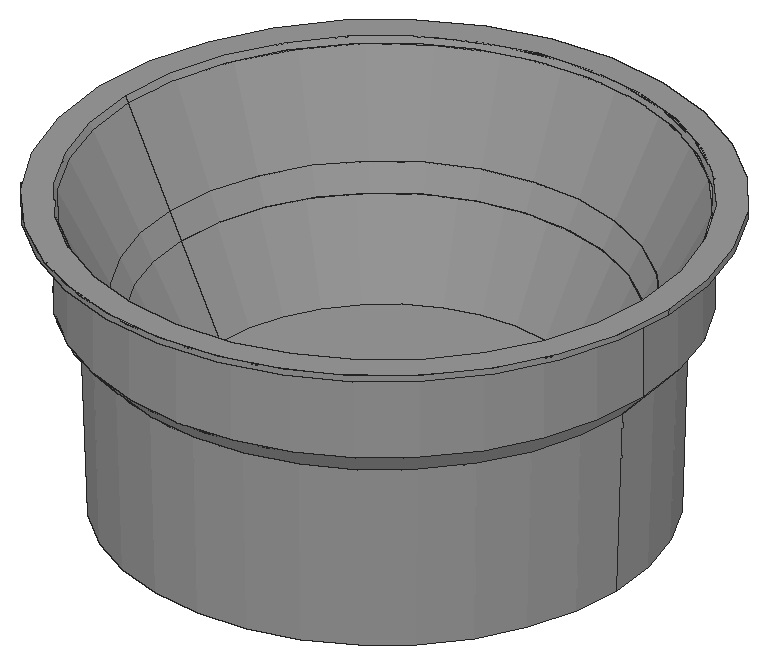
Revit family "2070151", category Lighting Fixtures, host Face, Revit 2018
Family settings
  Host = Face
  Round Connector Dimension = Use Diameter
  Part Type = Normal
  OmniClass Number = 23.80.70.00
  OmniClass Title = Lighting
  Cut with Voids When Loaded = No
  Light Source = Yes
  Shared = No
  Room Calculation Point = No
Parameters (values of type "2070151 SOLST 200 4300LM 940  DALI ")
  Weight = "n/a"
  Wattage Comments = ""
  Wattage = 9.2903 W
  WarrantyStartDate [instance] = "n/a"
  WarrantyGuarantorParts = "n/a"
  WarrantyDurationUnit = "n/a"
  WarrantyDurationParts = ""
  WarrantyDescription = "http://www.sylvania-lighting.com"
  built-in parameter 1150110 = 1 (stored number, unit not read)
  Voltage = 0 V
  URL = "0.98"
  TypeName = "Solstice 200 4300lm 940  DALI"
  Type Image = <None>
  Type Comments = "n/a"
  built-in parameter 1114217 = 1 (stored number, unit not read)
  Tilt Angle = -90.00°
  built-in parameter 1150109 = 1 (stored number, unit not read)
  built-in parameter 1150134 = 3
  built-in parameter 1150113 = 1 (stored number, unit not read)
  SerialNumber [instance] = "n/a"
  Photometric Web File = "2070151.IES"
  Material_3_SYL = none
  PowerFactor = 0
  PowerConsumption = "Lighting"
  NominalLength = 215 mm
  NominalHeight = 100 mm
  NominalDepth = 215 mm
  Name = "Solstice 200 4300lm 940  DALI"
  ModelReference = Name  # "Solstice 200 4300lm 940  DALI"
  ModelNumber = "2070151"
  Model = Name  # "Solstice 200 4300lm 940  DALI"
  Material = "Feilo Sylvania"
  ManufacturerName = "139 lm/W"
  Manufacturer = ""
  LuminousEfficacy = ""
  built-in parameter 1150105 = 109.82 (stored number, unit not read)
  Lumens = 1380 lm
  LuminaireType = "0"
  built-in parameter 1150115 = 1 (stored number, unit not read)
  LightOutputRatio = "LED"
  built-in parameter 1150137 = (empty or 0)
  built-in parameter 1150139 = (empty or 0)
  LampsType = Lamp  # "n/a"
  LampNominalLuminous = "4000 K"
  LampMacAdamStep = "90"
  LampColourTemperature = "LED"
  LampColourRenderingIndex = "16500"
  built-in parameter 1150112 = 1 (stored number, unit not read)
  built-in parameter 1150114 = 1 (stored number, unit not read)
  Lamp = "n/a"
  Keynote = "n/a"
  InstallationDate [instance] = "n/a"
  InputVoltage = "0"
  InputNominalFrequency = "4000"
  built-in parameter 1150132 = (empty or 0)
  built-in parameter 1150102 = (empty or 0)
  built-in parameter 1150107 = 3200 (stored number, unit not read)
  built-in parameter 1150138 = (empty or 0)
  IngressProtection = "IfcLightFixtureType"
  ImpactProtectionIndex = "IfcLightFixtureType"
  built-in parameter 1150106 = 1.0982 (stored number, unit not read)
  IfcExportType = "IfcLightFixtureType"
  IfcExportAs = "Class II"
  Emit from Circle Diameter = 609.6 mm
  Emit Shape Visible in Rendering = no
  ElectricShockClassification = "139"
  built-in parameter 1150104 = 13.8 (stored number, unit not read)
  DocumentationLiterature = "http://www.sylvania-lighting.com/product/en-int/products/2070151"
  DimmingControlOptions = "n/a"
  Material_2_SYL = none
  Dimming Lamp Color Temperature Shift = <None>
  Description = "The Solstice 200 4300lm 940 DALI is a high efficient DALI dimmable downlight luminaire, Colour rendering index Ra>90, Colour temperature: 4000K Neutral White, Class II, Protection rating IP40/IP20, Cut out dimensions: 200mm."
  Default Elevation = 1219.2 mm
  CreatedOn = "03/08/2023"
  CreatedBy = "@sylvania-lighting.com"
  Cost = 0
  Color Filter = 16777215
  built-in parameter 1114216 [instance] = (empty or 0)
  ClassificationValue = "EF_70_80"
  ClassificationName = "Uniclass2015"
  Material_1_SYL = none
  BarCode [instance] = "n/a"
  built-in parameter 1114218 = 1 (stored number, unit not read)
  built-in parameter 1150133 = 10 (stored number, unit not read)
  AssetType = "Fixed"
  AssetIdentifier [instance] = "n/a"
  Assembly Code = "D5020200"
  Apparent Load = 31 VA
  Material_4_SYL = none
Reference planes
  plane 1 "Center (Front/Back)": y = 0
  plane 2: z = 0
  plane 3 "Center (Left/Right)": x = 0
  plane 4: x = -107.5
  plane 5: x = 107.5
  plane 6: y = 107.5
  plane 7: y = -107.5
  plane 8: z = -100
  plane 9: through (22.818, 35.261, 1219.2) normal (0.8403, -0.5421, 0)
Forms (mm)
  Extrusion 1, solid, material "Aluminum", detail levels medium+fine
    sketch origin (0, 0, 0) x (1, 0, 0) y (0, 1, 0)
      loop
        circle (0, 0) r 107.5
    from 0 to 2
  Extrusion 2, solid, material "Aluminum", detail levels medium+fine
    sketch origin (0, 0, 0) x (1, 0, 0) y (0, 1, 0)
      loop
        circle (0, 0) r 98
    from 0 to -31
  Blend 3, solid, material "Aluminum", detail levels medium+fine
    base sketch origin (0, 0, 0) x (1, 0, 0) y (0, 1, 0)
      loop
        circle (0, 0) r 98
    top sketch origin (0, 0, 0) x (1, 0, 0) y (0, 1, 0)
      loop
        circle (0, 0) r 90
    from -31 to -39.5
  Blend 4, solid, material "Aluminum", detail levels medium+fine
    base sketch origin (0, 1219.2, 38) x (1, 0, 0) y (0, 1, 0)
      loop
        circle (0, -1219.2) r 90
    top sketch origin (0, 1219.2, 38) x (1, 0, 0) y (0, 1, 0)
      loop
        circle (0, -1219.2) r 88
    from -77.5 to -138
  Blend 5, solid, material "Glass, White, High Luminance", detail levels fine
    base sketch origin (0, 1219.2, 38) x (1, 0, 0) y (0, 1, 0)
      loop
        circle (0, -1219.2) r 61.5
    top sketch origin (0, 1219.2, 38) x (1, 0, 0) y (0, 1, 0)
      loop
        circle (0, -1219.2) r 61.5
    from -108 to -106.452
  Extrusion 6, solid, material "Aluminum", detail levels medium+fine
    sketch origin (0, 1219.2, 38) x (1, 0, 0) y (0, 1, 0)
      loop
        circle (0.108, -1219.141) r 41.941
    from -137.794 to -138
  Extrusion 7, solid, detail levels coarse
    sketch origin (0, 0, 0) x (1, 0, 0) y (0, 0, 1)
      loop
        line (-107.5, 2) -> (-107.5, -100) -> (107.5, -100) -> (107.5, 2) -> (-107.5, 2)
    from -107.5 to 107.5
  Blend 8, void
    base sketch origin (0, 0, 0) x (1, 0, 0) y (0, 1, 0)
      loop
        circle (0.108, 0.059) r 98
    top sketch origin (0, 0, 0) x (1, 0, 0) y (0, 1, 0)
      loop
        circle (0.108, 0.059) r 61.5
    from 2 to -70
Cuts and joins
  Blend 8 cuts Extrusion 1
  Blend 8 cuts Extrusion 7
  Blend 8 cuts Extrusion 2
  Blend 8 cuts Blend 4
  Blend 8 cuts Blend 3
Dimensions and locks
  "NominalLength": plane 4 to plane 5
  equal spacing: plane 4, plane 3 "Center (Left/Right)", plane 5
  "NominalDepth": plane 6 to plane 7
  equal spacing: plane 6, plane 1 "Center (Front/Back)", plane 7
  "NominalHeight": level to plane 8
  aligned and locked: plane 2 to host face
  aligned and locked: level to host face
Automatic sketch dimensions
  host sketch curve to host sketch curve = 2438.4 mm  (x2)
  plane 1 "Center (Front/Back)" to Extrusion 1 sketch curve = 0 mm
  Extrusion 1 sketch curve to plane 3 "Center (Left/Right)" = 0 mm
  plane 1 "Center (Front/Back)" to Extrusion 2 sketch curve = 0 mm
  Extrusion 2 sketch curve to plane 3 "Center (Left/Right)" = 0 mm
  plane 1 "Center (Front/Back)" to Blend 3 sketch curve = 0 mm  (x2)
  Blend 3 sketch curve to plane 3 "Center (Left/Right)" = 0 mm  (x2)
  plane 1 "Center (Front/Back)" to Blend 4 sketch curve = 0 mm  (x2)
  Blend 4 sketch curve to plane 3 "Center (Left/Right)" = 0 mm  (x2)
  plane 1 "Center (Front/Back)" to Blend 5 sketch curve = 0 mm  (x2)
  Blend 5 sketch curve to plane 3 "Center (Left/Right)" = 0 mm  (x2)
  plane 3 "Center (Left/Right)" to Extrusion 6 sketch curve = 0.108 mm
  Extrusion 6 sketch curve to plane 1 "Center (Front/Back)" = 0.059 mm
  Extrusion 7 sketch curve to plane 4 = 0 mm
  plane 5 to Extrusion 7 sketch curve = 0 mm
  Extrusion 7 sketch curve to plane 8 = 0 mm
  level to Extrusion 7 sketch curve = 2 mm
  plane 9 to Blend 8 sketch curve = 0 mm  (x2)
  Blend 8 sketch curve to plane 1 "Center (Front/Back)" = 0.059 mm  (x2)
  radius of Extrusion 1 sketch curve = 107.5 mm
  radius of Extrusion 2 sketch curve = 98 mm
  radius of Blend 3 sketch curve = 98 mm
  radius of Blend 3 sketch curve = 90 mm
  radius of Blend 4 sketch curve = 90 mm
  radius of Blend 4 sketch curve = 88 mm
  radius of Blend 5 sketch curve = 61.5 mm  (x2)
  radius of Extrusion 6 sketch curve = 41.941 mm
  radius of Blend 8 sketch curve = 98 mm
  radius of Blend 8 sketch curve = 61.5 mm
Connectors
  electrical at (0.108, 0.059, -99.794)
    settings: on Extrusion 6, index 1, voltage 0 V, apparent load 0 VA, apparent load phase1 0 VA, apparent load phase2 0 VA, apparent load phase3 0 VA, power factor 1, load classification "Other", number of poles 1, system type 31, power factor state 1, is connector primary yes, connector utility no, sub classification motor no, connector description ""
